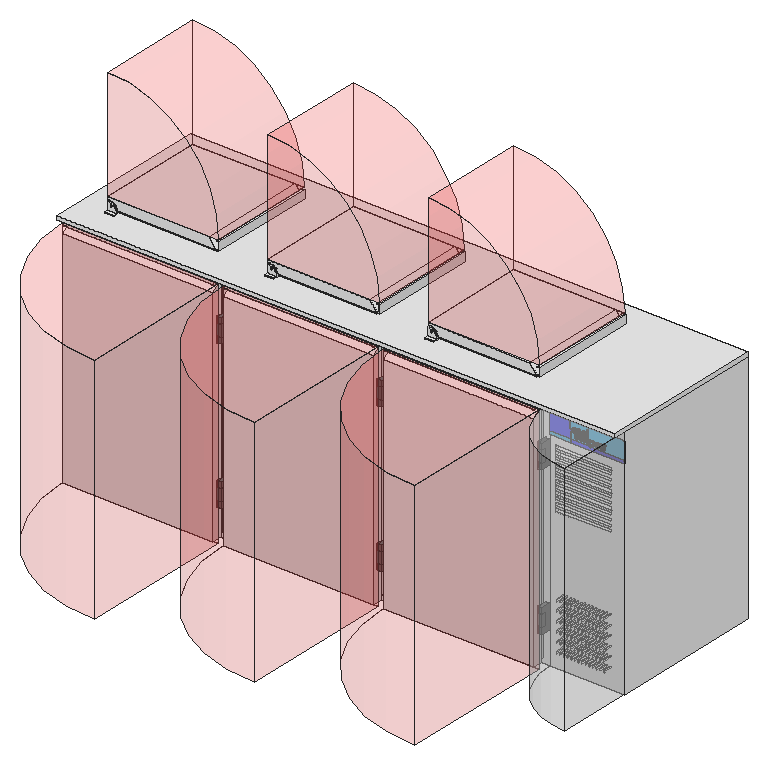
Revit family "QF_Cool-Compact_Abfallkuehler_3x120L_ZK", category Sonderausstattung, Revit 2020 (continued)
Automatic sketch dimensions
  plane 1 "Hinten" to Sweep 42 sketch curve = 50 mm
  plane 6 "Rechts" to Sweep 42 sketch curve = 290.3 mm
  Sweep 42 sketch curve to Sweep 42 sketch curve = 29.7 mm
  profile plane to Sweep 42 sketch curve = 0 mm
  level to Sweep 42 sketch curve = 50 mm
  plane 6 "Rechts" to Sweep 43 sketch curve = 230 mm
  level to Sweep 43 sketch curve = 140 mm
  Sweep 43 sketch curve to Sweep 43 sketch curve = 12.5 mm
  Sweep 43 sketch curve to profile plane = 0 mm
  plane 1 "Hinten" to Sweep 43 sketch curve = 50 mm
  plane 6 "Rechts" to Sweep 44 sketch curve = 255 mm
  Sweep 44 sketch curve to Sweep 44 sketch curve = 25 mm
  level to Sweep 44 sketch curve = 165 mm
  Sweep 44 sketch curve to Sweep 44 sketch curve = 65 mm
  Sweep 44 sketch curve to Sweep 44 sketch curve = 12.5 mm
  Sweep 44 sketch curve to profile plane = 0 mm
  plane 1 "Hinten" to Sweep 44 sketch curve = 50 mm
  plane 6 "Rechts" to Sweep 45 sketch curve = 170 mm
  level to Sweep 45 sketch curve = 140 mm
  Sweep 45 sketch curve to Sweep 45 sketch curve = 12.5 mm
  Sweep 45 sketch curve to profile plane = 0 mm
  plane 1 "Hinten" to Sweep 45 sketch curve = 50 mm
  plane 6 "Rechts" to Sweep 46 sketch curve = 220 mm
  Sweep 46 sketch curve to Sweep 46 sketch curve = 50 mm
  level to Sweep 46 sketch curve = 190 mm
  Sweep 46 sketch curve to Sweep 46 sketch curve = 100 mm
  Sweep 46 sketch curve to Sweep 46 sketch curve = 37.5 mm
  Sweep 46 sketch curve to profile plane = 0 mm
  plane 1 "Hinten" to Sweep 46 sketch curve = 50 mm
  level to Extrusion 47 sketch curve = 40 mm
  plane 6 "Rechts" to Extrusion 47 sketch curve = 210 mm
  Extrusion 47 sketch curve to Extrusion 47 sketch curve = 50 mm
  Extrusion 47 sketch curve to Extrusion 47 sketch curve = 100 mm
  Extrusion 47 sketch curve to Extrusion 47 sketch curve = 110 mm
  Extrusion 47 sketch curve to Extrusion 47 sketch curve = 135 mm
  plane 4 "Vorne" to Extrusion 48 sketch curve = 1 mm
  Extrusion 48 sketch curve to plane 3 "Links" = 27.5 mm
  plane 8 "Mitte (Links/rechts)" to Extrusion 49 sketch curve = 38.19 mm
  plane 5 "Oben" to Extrusion 49 sketch curve = 13.2 mm
  Extrusion 49 sketch curve to Extrusion 49 sketch curve = 28.71 mm
  Extrusion 49 sketch curve to Extrusion 49 sketch curve = 30.91 mm
  Extrusion 49 sketch curve to Extrusion 49 sketch curve = 10.2 mm
  Extrusion 49 sketch curve to Extrusion 49 sketch curve = 1.2 mm  (x2)
  Extrusion 49 sketch curve to Extrusion 49 sketch curve = 32.6 mm
  Extrusion 49 sketch curve to Extrusion 49 sketch curve = 0.6 mm
  plane 5 "Oben" to Extrusion 49 sketch curve = 52 mm
  Extrusion 50 sketch curve to plane 5 "Oben" = 0 mm
  plane 5 "Oben" to Extrusion 50 sketch curve = 12.541 mm
  Extrusion 50 sketch curve to Extrusion 50 sketch curve = 0.244 mm
  Extrusion 50 sketch curve to Extrusion 50 sketch curve = 9.74 mm
  Extrusion 50 sketch curve to Extrusion 50 sketch curve = 10 mm
  Extrusion 50 sketch curve to Extrusion 50 sketch curve = 0.465 mm
  Extrusion 50 sketch curve to Extrusion 50 sketch curve = 8.351 mm
  Extrusion 50 sketch curve to Extrusion 50 sketch curve = 3.2 mm
  Extrusion 50 sketch curve to Extrusion 50 sketch curve = 0.648 mm
  Extrusion 50 sketch curve to Extrusion 50 sketch curve = 2.092 mm
  Extrusion 50 sketch curve to Extrusion 50 sketch curve = 4.2 mm
  Extrusion 50 sketch curve to Extrusion 50 sketch curve = 1.63 mm
  Extrusion 50 sketch curve to Extrusion 50 sketch curve = 11.959 mm
  Extrusion 50 sketch curve to Extrusion 50 sketch curve = 2.4 mm
  Extrusion 50 sketch curve to Extrusion 50 sketch curve = 3.235 mm
  Extrusion 50 sketch curve to Extrusion 50 sketch curve = 1.1 mm
  Extrusion 50 sketch curve to Extrusion 50 sketch curve = 2.001 mm
  Extrusion 50 sketch curve to Extrusion 50 sketch curve = 2.265 mm
  Extrusion 50 sketch curve to Extrusion 50 sketch curve = 8.431 mm
  Extrusion 50 sketch curve to Extrusion 50 sketch curve = 1 mm
  Extrusion 50 sketch curve to Extrusion 50 sketch curve = 2.999 mm
  plane 8 "Mitte (Links/rechts)" to Extrusion 51 sketch curve = 59 mm
  Extrusion 52 sketch curve to Extrusion 52 sketch curve = 15 mm
  plane 5 "Oben" to Extrusion 52 sketch curve = 29 mm
  Extrusion 52 sketch curve to Extrusion 52 sketch curve = 4 mm
  Extrusion 53 sketch curve to Extrusion 53 sketch curve = 15 mm
  plane 5 "Oben" to Extrusion 53 sketch curve = 25 mm
  Extrusion 53 sketch curve to Extrusion 53 sketch curve = 4 mm
  Extrusion 53 sketch curve to Extrusion 53 sketch curve = 3 mm
  plane 8 "Mitte (Links/rechts)" to Extrusion 54 sketch curve = 80.5 mm
  plane 8 "Mitte (Links/rechts)" to Extrusion 55 sketch curve = 80.5 mm
  Extrusion 56 sketch curve to Extrusion 56 sketch curve = 38.122 mm
  Extrusion 57 sketch curve to Extrusion 57 sketch curve = 38.122 mm
  Extrusion 58 sketch curve to plane 5 "Oben" = 0 mm
  plane 5 "Oben" to Extrusion 58 sketch curve = 12.541 mm
  Extrusion 58 sketch curve to Extrusion 58 sketch curve = 0.244 mm
  Extrusion 58 sketch curve to Extrusion 58 sketch curve = 9.74 mm
  Extrusion 58 sketch curve to Extrusion 58 sketch curve = 10 mm
  Extrusion 58 sketch curve to Extrusion 58 sketch curve = 0.465 mm
  Extrusion 58 sketch curve to Extrusion 58 sketch curve = 8.351 mm
  Extrusion 58 sketch curve to Extrusion 58 sketch curve = 3.2 mm
  Extrusion 58 sketch curve to Extrusion 58 sketch curve = 0.648 mm
  Extrusion 58 sketch curve to Extrusion 58 sketch curve = 2.092 mm
  Extrusion 58 sketch curve to Extrusion 58 sketch curve = 4.2 mm
  Extrusion 58 sketch curve to Extrusion 58 sketch curve = 1.63 mm
  Extrusion 58 sketch curve to Extrusion 58 sketch curve = 11.959 mm
  Extrusion 58 sketch curve to Extrusion 58 sketch curve = 2.4 mm
  Extrusion 58 sketch curve to Extrusion 58 sketch curve = 3.235 mm
  Extrusion 58 sketch curve to Extrusion 58 sketch curve = 3.5 mm
  Extrusion 58 sketch curve to Extrusion 58 sketch curve = 2.001 mm
  Extrusion 58 sketch curve to Extrusion 58 sketch curve = 2.265 mm
  Extrusion 58 sketch curve to Extrusion 58 sketch curve = 8.431 mm
  Extrusion 58 sketch curve to Extrusion 58 sketch curve = 1 mm
  Extrusion 58 sketch curve to Extrusion 58 sketch curve = 2.999 mm
  Extrusion 59 sketch curve to plane 8 "Mitte (Links/rechts)" = 80.5 mm
  Extrusion 59 sketch curve to plane 5 "Oben" = 52 mm
  plane 5 "Oben" to Extrusion 60 sketch curve = 52 mm
  plane 5 "Oben" to Extrusion 60 sketch curve = 13.2 mm
  Extrusion 60 sketch curve to Extrusion 60 sketch curve = 28.71 mm
  Extrusion 60 sketch curve to Extrusion 60 sketch curve = 30.91 mm
  Extrusion 60 sketch curve to Extrusion 60 sketch curve = 10.2 mm
  Extrusion 60 sketch curve to Extrusion 60 sketch curve = 1.2 mm  (x2)
  Extrusion 60 sketch curve to Extrusion 60 sketch curve = 5 mm
  Extrusion 60 sketch curve to Extrusion 60 sketch curve = 0.6 mm
  Extrusion 61 sketch curve to plane 5 "Oben" = 0 mm
  plane 5 "Oben" to Extrusion 61 sketch curve = 12.541 mm
  Extrusion 61 sketch curve to Extrusion 61 sketch curve = 0.244 mm
  Extrusion 61 sketch curve to Extrusion 61 sketch curve = 9.74 mm
  Extrusion 61 sketch curve to Extrusion 61 sketch curve = 10 mm
  Extrusion 61 sketch curve to Extrusion 61 sketch curve = 0.465 mm
  Extrusion 61 sketch curve to Extrusion 61 sketch curve = 8.351 mm
  Extrusion 61 sketch curve to Extrusion 61 sketch curve = 3.2 mm
  Extrusion 61 sketch curve to Extrusion 61 sketch curve = 0.648 mm
  Extrusion 61 sketch curve to Extrusion 61 sketch curve = 2.092 mm
  Extrusion 61 sketch curve to Extrusion 61 sketch curve = 4.2 mm
  Extrusion 61 sketch curve to Extrusion 61 sketch curve = 1.63 mm
  Extrusion 61 sketch curve to Extrusion 61 sketch curve = 11.959 mm
  Extrusion 61 sketch curve to Extrusion 61 sketch curve = 2.4 mm
  Extrusion 61 sketch curve to Extrusion 61 sketch curve = 3.235 mm
  Extrusion 61 sketch curve to Extrusion 61 sketch curve = 1.1 mm
  Extrusion 61 sketch curve to Extrusion 61 sketch curve = 2.001 mm
  Extrusion 61 sketch curve to Extrusion 61 sketch curve = 2.265 mm
  Extrusion 61 sketch curve to Extrusion 61 sketch curve = 8.431 mm
  Extrusion 61 sketch curve to Extrusion 61 sketch curve = 1 mm
  Extrusion 61 sketch curve to Extrusion 61 sketch curve = 2.999 mm
  plane 6 "Rechts" to Extrusion 62 sketch curve = 451 mm
  Extrusion 63 sketch curve to Extrusion 63 sketch curve = 15 mm
  plane 5 "Oben" to Extrusion 63 sketch curve = 29 mm
  Extrusion 63 sketch curve to Extrusion 63 sketch curve = 4 mm
  Extrusion 64 sketch curve to Extrusion 64 sketch curve = 15 mm
  plane 5 "Oben" to Extrusion 64 sketch curve = 25 mm
  Extrusion 64 sketch curve to Extrusion 64 sketch curve = 4 mm
  Extrusion 64 sketch curve to Extrusion 64 sketch curve = 3 mm
  plane 6 "Rechts" to Extrusion 65 sketch curve = 429.5 mm
  plane 6 "Rechts" to Extrusion 66 sketch curve = 429.5 mm
  Extrusion 67 sketch curve to Extrusion 67 sketch curve = 38.122 mm
  Extrusion 68 sketch curve to Extrusion 68 sketch curve = 38.122 mm
  Extrusion 69 sketch curve to plane 5 "Oben" = 0 mm
  plane 5 "Oben" to Extrusion 69 sketch curve = 12.541 mm
  Extrusion 69 sketch curve to Extrusion 69 sketch curve = 0.244 mm
  Extrusion 69 sketch curve to Extrusion 69 sketch curve = 9.74 mm
  Extrusion 69 sketch curve to Extrusion 69 sketch curve = 10 mm
  Extrusion 69 sketch curve to Extrusion 69 sketch curve = 0.465 mm
  Extrusion 69 sketch curve to Extrusion 69 sketch curve = 8.351 mm
  Extrusion 69 sketch curve to Extrusion 69 sketch curve = 3.2 mm
  Extrusion 69 sketch curve to Extrusion 69 sketch curve = 0.648 mm
  Extrusion 69 sketch curve to Extrusion 69 sketch curve = 2.092 mm
  Extrusion 69 sketch curve to Extrusion 69 sketch curve = 4.2 mm
  Extrusion 69 sketch curve to Extrusion 69 sketch curve = 1.63 mm
  Extrusion 69 sketch curve to Extrusion 69 sketch curve = 11.959 mm
  Extrusion 69 sketch curve to Extrusion 69 sketch curve = 2.4 mm
  Extrusion 69 sketch curve to Extrusion 69 sketch curve = 3.235 mm
  Extrusion 69 sketch curve to Extrusion 69 sketch curve = 3.5 mm
  Extrusion 69 sketch curve to Extrusion 69 sketch curve = 2.001 mm
  Extrusion 69 sketch curve to Extrusion 69 sketch curve = 2.265 mm
  Extrusion 69 sketch curve to Extrusion 69 sketch curve = 8.431 mm
  Extrusion 69 sketch curve to Extrusion 69 sketch curve = 1 mm
  Extrusion 69 sketch curve to Extrusion 69 sketch curve = 2.999 mm
  Extrusion 70 sketch curve to plane 5 "Oben" = 52 mm
  Extrusion 70 sketch curve to plane 6 "Rechts" = 429.5 mm
  level to Extrusion 71 sketch curve = 28.5 mm
  Extrusion 71 sketch curve to plane 5 "Oben" = 39.5 mm
  level to Extrusion 72 sketch curve = 19 mm  (x2)
  Extrusion 72 sketch curve to Extrusion 72 sketch curve = 1 mm  (x3)
  Extrusion 72 sketch curve to plane 5 "Oben" = 30 mm
  Extrusion 73 sketch curve to plane 4 "Vorne" = 1 mm
  plane 4 "Vorne" to Extrusion 73 sketch curve = 39 mm
  Extrusion 74 sketch curve to plane 4 "Vorne" = 1 mm
  plane 4 "Vorne" to Extrusion 74 sketch curve = 55 mm
  plane 4 "Vorne" to Extrusion 75 sketch curve = 13 mm  (x2)
  Extrusion 75 sketch curve to Extrusion 75 sketch curve = 18 mm
  Extrusion 75 sketch curve to Extrusion 75 sketch curve = 24 mm
  Extrusion 75 sketch curve to plane 5 "Oben" = 155 mm
  Extrusion 75 sketch curve to Extrusion 75 sketch curve = 24.5 mm  (x2)
  Extrusion 75 sketch curve to Extrusion 75 sketch curve = 53 mm
  Extrusion 76 sketch curve to Extrusion 76 sketch curve = 18 mm  (x2)
  Extrusion 76 sketch curve to Extrusion 76 sketch curve = 6 mm
  plane 5 "Oben" to Extrusion 76 sketch curve = 257 mm
  Extrusion 76 sketch curve to Extrusion 76 sketch curve = 25.5 mm  (x2)
  Extrusion 76 sketch curve to Extrusion 76 sketch curve = 51 mm
  Extrusion 77 sketch curve to plane 4 "Vorne" = 22 mm
  plane 4 "Vorne" to Extrusion 78 sketch curve = 22 mm
  Extrusion 79 sketch curve to plane 4 "Vorne" = 22 mm
  plane 4 "Vorne" to Extrusion 80 sketch curve = 13 mm  (x2)
  Extrusion 80 sketch curve to Extrusion 80 sketch curve = 18 mm
  Extrusion 80 sketch curve to Extrusion 80 sketch curve = 24 mm
  level to Extrusion 80 sketch curve = 241 mm
  Extrusion 80 sketch curve to Extrusion 80 sketch curve = 24.5 mm  (x2)
  Extrusion 80 sketch curve to Extrusion 80 sketch curve = 53 mm
  Extrusion 81 sketch curve to Extrusion 81 sketch curve = 18 mm  (x2)
  Extrusion 81 sketch curve to Extrusion 81 sketch curve = 6 mm
  Extrusion 81 sketch curve to level = 139 mm
  Extrusion 81 sketch curve to Extrusion 81 sketch curve = 25.5 mm  (x2)
  Extrusion 81 sketch curve to Extrusion 81 sketch curve = 51 mm
  plane 4 "Vorne" to Extrusion 82 sketch curve = 22 mm
  plane 4 "Vorne" to Extrusion 83 sketch curve = 22 mm
  Extrusion 84 sketch curve to plane 4 "Vorne" = 13 mm
  Extrusion 84 sketch curve to Extrusion 84 sketch curve = 24 mm
  Extrusion 84 sketch curve to Extrusion 84 sketch curve = 42 mm
  Extrusion 85 sketch curve to plane 4 "Vorne" = 13 mm
  Extrusion 85 sketch curve to Extrusion 85 sketch curve = 24 mm
  Extrusion 85 sketch curve to Extrusion 85 sketch curve = 42 mm
  plane 4 "Vorne" to Extrusion 86 sketch curve = 1 mm
  Extrusion 87 sketch curve to plane 4 "Vorne" = 1 mm
  plane 4 "Vorne" to Extrusion 87 sketch curve = 4 mm
  Extrusion 87 sketch curve to Extrusion 87 sketch curve = 0.6 mm
  Extrusion 87 sketch curve to Extrusion 87 sketch curve = 32.6 mm
  Extrusion 87 sketch curve to Extrusion 87 sketch curve = 1.2 mm  (x2)
  level to Extrusion 87 sketch curve = 10 mm
  Extrusion 87 sketch curve to plane 5 "Oben" = 61.31 mm
  Extrusion 87 sketch curve to plane 5 "Oben" = 32.6 mm
  Extrusion 87 sketch curve to plane 5 "Oben" = 30.4 mm
  Extrusion 87 sketch curve to Extrusion 87 sketch curve = 10.2 mm
  level to Extrusion 88 sketch curve = 28.5 mm
  plane 6 "Rechts" to Extrusion 88 sketch curve = 358.5 mm
  Extrusion 88 sketch curve to plane 5 "Oben" = 39.5 mm
  level to Extrusion 89 sketch curve = 19 mm  (x2)
  Extrusion 89 sketch curve to Extrusion 89 sketch curve = 1 mm  (x3)
  plane 6 "Rechts" to Extrusion 89 sketch curve = 353.7 mm
  Extrusion 89 sketch curve to plane 5 "Oben" = 30 mm
  Extrusion 90 sketch curve to plane 4 "Vorne" = 1 mm
  plane 6 "Rechts" to Extrusion 90 sketch curve = 346.5 mm
  plane 4 "Vorne" to Extrusion 90 sketch curve = 39 mm
  Extrusion 91 sketch curve to plane 4 "Vorne" = 1 mm
  plane 6 "Rechts" to Extrusion 91 sketch curve = 322.5 mm
  plane 4 "Vorne" to Extrusion 91 sketch curve = 55 mm
  plane 4 "Vorne" to Extrusion 92 sketch curve = 13 mm  (x2)
  Extrusion 92 sketch curve to Extrusion 92 sketch curve = 18 mm
  Extrusion 92 sketch curve to Extrusion 92 sketch curve = 24 mm
  Extrusion 92 sketch curve to plane 5 "Oben" = 155 mm
  Extrusion 92 sketch curve to Extrusion 92 sketch curve = 24.5 mm  (x2)
  Extrusion 92 sketch curve to Extrusion 92 sketch curve = 53 mm
  Extrusion 93 sketch curve to plane 6 "Rechts" = 322.5 mm
  Extrusion 93 sketch curve to Extrusion 93 sketch curve = 18 mm  (x2)
  Extrusion 93 sketch curve to Extrusion 93 sketch curve = 6 mm
  plane 5 "Oben" to Extrusion 93 sketch curve = 257 mm
  Extrusion 93 sketch curve to Extrusion 93 sketch curve = 25.5 mm  (x2)
  Extrusion 93 sketch curve to Extrusion 93 sketch curve = 51 mm
  Extrusion 94 sketch curve to plane 4 "Vorne" = 22 mm
  Extrusion 94 sketch curve to plane 6 "Rechts" = 331.5 mm
  plane 4 "Vorne" to Extrusion 95 sketch curve = 22 mm
  plane 6 "Rechts" to Extrusion 95 sketch curve = 331.5 mm
  Extrusion 96 sketch curve to plane 4 "Vorne" = 22 mm
  Extrusion 96 sketch curve to plane 6 "Rechts" = 331.5 mm
  plane 4 "Vorne" to Extrusion 97 sketch curve = 13 mm  (x2)
  Extrusion 97 sketch curve to Extrusion 97 sketch curve = 18 mm
  Extrusion 97 sketch curve to Extrusion 97 sketch curve = 24 mm
  level to Extrusion 97 sketch curve = 241 mm
  Extrusion 97 sketch curve to Extrusion 97 sketch curve = 24.5 mm  (x2)
  Extrusion 97 sketch curve to Extrusion 97 sketch curve = 53 mm
  Extrusion 98 sketch curve to plane 6 "Rechts" = 322.5 mm
  Extrusion 98 sketch curve to Extrusion 98 sketch curve = 18 mm  (x2)
  Extrusion 98 sketch curve to Extrusion 98 sketch curve = 6 mm
  Extrusion 98 sketch curve to level = 139 mm
  Extrusion 98 sketch curve to Extrusion 98 sketch curve = 25.5 mm  (x2)
  Extrusion 98 sketch curve to Extrusion 98 sketch curve = 51 mm
  plane 4 "Vorne" to Extrusion 99 sketch curve = 22 mm
  plane 6 "Rechts" to Extrusion 99 sketch curve = 331.5 mm
  plane 4 "Vorne" to Extrusion 100 sketch curve = 22 mm
  plane 6 "Rechts" to Extrusion 100 sketch curve = 331.5 mm
  Extrusion 101 sketch curve to plane 4 "Vorne" = 13 mm
  Extrusion 101 sketch curve to plane 6 "Rechts" = 322.5 mm
  Extrusion 101 sketch curve to Extrusion 101 sketch curve = 24 mm
  Extrusion 101 sketch curve to Extrusion 101 sketch curve = 42 mm
  Extrusion 102 sketch curve to plane 4 "Vorne" = 13 mm
  Extrusion 102 sketch curve to plane 6 "Rechts" = 322.5 mm
  Extrusion 102 sketch curve to Extrusion 102 sketch curve = 24 mm
  Extrusion 102 sketch curve to Extrusion 102 sketch curve = 42 mm
  plane 4 "Vorne" to Extrusion 103 sketch curve = 1 mm
  Extrusion 103 sketch curve to plane 6 "Rechts" = 322.5 mm
  Extrusion 104 sketch curve to plane 4 "Vorne" = 1 mm
  plane 4 "Vorne" to Extrusion 104 sketch curve = 4 mm
  Extrusion 104 sketch curve to Extrusion 104 sketch curve = 0.6 mm
  Extrusion 104 sketch curve to Extrusion 104 sketch curve = 32.6 mm
  Extrusion 104 sketch curve to Extrusion 104 sketch curve = 1.2 mm  (x2)
  level to Extrusion 104 sketch curve = 10 mm
  Extrusion 104 sketch curve to plane 5 "Oben" = 61.31 mm
  Extrusion 104 sketch curve to plane 5 "Oben" = 32.6 mm
  Extrusion 104 sketch curve to plane 5 "Oben" = 30.4 mm
  Extrusion 104 sketch curve to Extrusion 104 sketch curve = 10.2 mm
  Extrusion 10 sketch curve to Extrusion 10 sketch curve = 437.69 mm
  Extrusion 12 sketch curve to Extrusion 12 sketch curve = 437 mm
  Extrusion 15 sketch curve to plane 8 "Mitte (Links/rechts)" = 538.5 mm
  Extrusion 16 sketch curve to plane 8 "Mitte (Links/rechts)" = 533.7 mm
  Extrusion 17 sketch curve to Extrusion 17 sketch curve = 480 mm
  Extrusion 18 sketch curve to Extrusion 18 sketch curve = 480 mm
  Extrusion 22 sketch curve to plane 8 "Mitte (Links/rechts)" = 526.5 mm
  Extrusion 23 sketch curve to plane 8 "Mitte (Links/rechts)" = 502.5 mm
  Extrusion 25 sketch curve to Extrusion 25 sketch curve = 480 mm
  plane 8 "Mitte (Links/rechts)" to Extrusion 32 sketch curve = 502.5 mm
  plane 8 "Mitte (Links/rechts)" to Extrusion 33 sketch curve = 511.5 mm
  Extrusion 34 sketch curve to plane 8 "Mitte (Links/rechts)" = 511.5 mm
  plane 8 "Mitte (Links/rechts)" to Extrusion 35 sketch curve = 511.5 mm
  plane 8 "Mitte (Links/rechts)" to Extrusion 37 sketch curve = 502.5 mm
  Extrusion 38 sketch curve to plane 8 "Mitte (Links/rechts)" = 511.5 mm
  Extrusion 39 sketch curve to plane 8 "Mitte (Links/rechts)" = 511.5 mm
  plane 8 "Mitte (Links/rechts)" to Extrusion 40 sketch curve = 502.5 mm
  plane 8 "Mitte (Links/rechts)" to Extrusion 41 sketch curve = 502.5 mm
  plane 8 "Mitte (Links/rechts)" to Extrusion 48 sketch curve = 502.5 mm
  Extrusion 49 sketch curve to plane 8 "Mitte (Links/rechts)" = 399.5 mm
  Extrusion 50 sketch curve to plane 8 "Mitte (Links/rechts)" = 359.5 mm
  Extrusion 50 sketch curve to Extrusion 50 sketch curve = 5 mm
  Extrusion 51 sketch curve to plane 8 "Mitte (Links/rechts)" = 378 mm
  Extrusion 52 sketch curve to plane 8 "Mitte (Links/rechts)" = 366.5 mm
  Extrusion 53 sketch curve to Extrusion 53 sketch curve = 0 mm
  Extrusion 53 sketch curve to plane 8 "Mitte (Links/rechts)" = 366.5 mm
  Extrusion 54 sketch curve to plane 8 "Mitte (Links/rechts)" = 399.5 mm
  Extrusion 55 sketch curve to plane 8 "Mitte (Links/rechts)" = 399.5 mm
  Extrusion 56 sketch curve to plane 8 "Mitte (Links/rechts)" = 397.622 mm
  plane 8 "Mitte (Links/rechts)" to Extrusion 57 sketch curve = 397.622 mm
  Extrusion 58 sketch curve to plane 8 "Mitte (Links/rechts)" = 359.5 mm
  Extrusion 58 sketch curve to Extrusion 58 sketch curve = 5 mm
  plane 8 "Mitte (Links/rechts)" to Extrusion 59 sketch curve = 399.5 mm
  Extrusion 71 sketch curve to plane 8 "Mitte (Links/rechts)" = 470.5 mm
  Extrusion 72 sketch curve to plane 8 "Mitte (Links/rechts)" = 475.3 mm
  Extrusion 73 sketch curve to plane 8 "Mitte (Links/rechts)" = 482.5 mm
  Extrusion 74 sketch curve to plane 8 "Mitte (Links/rechts)" = 482.5 mm
  plane 8 "Mitte (Links/rechts)" to Extrusion 86 sketch curve = 482.5 mm
  plane 6 "Rechts" to Extrusion 60 sketch curve = 429.5 mm
  plane 8 "Mitte (Links/rechts)" to Extrusion 60 sketch curve = 290.5 mm
  plane 8 "Mitte (Links/rechts)" to Extrusion 61 sketch curve = 330.5 mm
  Extrusion 61 sketch curve to Extrusion 61 sketch curve = 5 mm
  plane 8 "Mitte (Links/rechts)" to Extrusion 62 sketch curve = 312 mm
  plane 8 "Mitte (Links/rechts)" to Extrusion 63 sketch curve = 323.5 mm
  Extrusion 64 sketch curve to Extrusion 64 sketch curve = 0 mm
  plane 8 "Mitte (Links/rechts)" to Extrusion 64 sketch curve = 323.5 mm
  plane 8 "Mitte (Links/rechts)" to Extrusion 65 sketch curve = 290.5 mm
  plane 8 "Mitte (Links/rechts)" to Extrusion 66 sketch curve = 290.5 mm
  plane 8 "Mitte (Links/rechts)" to Extrusion 67 sketch curve = 292.378 mm
  Extrusion 68 sketch curve to plane 8 "Mitte (Links/rechts)" = 292.378 mm
  plane 8 "Mitte (Links/rechts)" to Extrusion 69 sketch curve = 330.5 mm
  Extrusion 69 sketch curve to Extrusion 69 sketch curve = 5 mm
  Extrusion 70 sketch curve to plane 8 "Mitte (Links/rechts)" = 290.5 mm
  plane 8 "Mitte (Links/rechts)" to Extrusion 71 sketch curve = 151.5 mm
  plane 8 "Mitte (Links/rechts)" to Extrusion 72 sketch curve = 156.3 mm
  plane 8 "Mitte (Links/rechts)" to Extrusion 73 sketch curve = 163.5 mm
  plane 8 "Mitte (Links/rechts)" to Extrusion 74 sketch curve = 187.5 mm
  Extrusion 76 sketch curve to plane 8 "Mitte (Links/rechts)" = 187.5 mm
  Extrusion 77 sketch curve to plane 8 "Mitte (Links/rechts)" = 178.5 mm
  plane 8 "Mitte (Links/rechts)" to Extrusion 78 sketch curve = 178.5 mm
  Extrusion 79 sketch curve to plane 8 "Mitte (Links/rechts)" = 178.5 mm
  Extrusion 81 sketch curve to plane 8 "Mitte (Links/rechts)" = 187.5 mm
  plane 8 "Mitte (Links/rechts)" to Extrusion 82 sketch curve = 178.5 mm
  plane 8 "Mitte (Links/rechts)" to Extrusion 83 sketch curve = 178.5 mm
  Extrusion 84 sketch curve to plane 8 "Mitte (Links/rechts)" = 187.5 mm
  Extrusion 85 sketch curve to plane 8 "Mitte (Links/rechts)" = 187.5 mm
  Extrusion 86 sketch curve to plane 8 "Mitte (Links/rechts)" = 187.5 mm
  plane 8 "Mitte (Links/rechts)" to Extrusion 88 sketch curve = 219.5 mm
  plane 8 "Mitte (Links/rechts)" to Extrusion 89 sketch curve = 214.7 mm
  plane 8 "Mitte (Links/rechts)" to Extrusion 90 sketch curve = 207.5 mm
  plane 8 "Mitte (Links/rechts)" to Extrusion 91 sketch curve = 207.5 mm
  Extrusion 103 sketch curve to plane 8 "Mitte (Links/rechts)" = 207.5 mm
  plane 1 "Hinten" to Extrusion 12 sketch curve = 136.5 mm
  plane 1 "Hinten" to Extrusion 17 sketch curve = 125 mm
  plane 1 "Hinten" to Extrusion 18 sketch curve = 125 mm
  Extrusion 20 sketch curve to plane 1 "Hinten" = 105 mm
  Extrusion 20 sketch curve to Extrusion 20 sketch curve = 17 mm
  Sweep 42 sketch curve to Sweep 42 sketch curve = 60.3 mm
  Sweep 42 sketch curve to Sweep 42 sketch curve = 49.7 mm
  plane 1 "Hinten" to Extrusion 51 sketch curve = 136.5 mm
  plane 1 "Hinten" to Extrusion 54 sketch curve = 125 mm
  plane 1 "Hinten" to Extrusion 55 sketch curve = 125 mm
  Extrusion 57 sketch curve to plane 1 "Hinten" = 105 mm
  Extrusion 57 sketch curve to Extrusion 57 sketch curve = 17 mm
  plane 1 "Hinten" to Extrusion 62 sketch curve = 136.5 mm
  plane 1 "Hinten" to Extrusion 65 sketch curve = 125 mm
  plane 1 "Hinten" to Extrusion 66 sketch curve = 125 mm
  Extrusion 68 sketch curve to plane 1 "Hinten" = 105 mm
  Extrusion 68 sketch curve to Extrusion 68 sketch curve = 17 mm
  plane 4 "Vorne" to Extrusion 12 sketch curve = 146.5 mm
  plane 4 "Vorne" to Extrusion 17 sketch curve = 135 mm
  plane 4 "Vorne" to Extrusion 18 sketch curve = 135 mm
  plane 4 "Vorne" to Extrusion 19 sketch curve = 115 mm
  Extrusion 19 sketch curve to Extrusion 19 sketch curve = 17 mm
  plane 4 "Vorne" to Extrusion 51 sketch curve = 146.5 mm
  plane 4 "Vorne" to Extrusion 54 sketch curve = 135 mm
  plane 4 "Vorne" to Extrusion 55 sketch curve = 135 mm
  plane 4 "Vorne" to Extrusion 56 sketch curve = 115 mm
  Extrusion 56 sketch curve to Extrusion 56 sketch curve = 17 mm
  plane 4 "Vorne" to Extrusion 62 sketch curve = 146.5 mm
  plane 4 "Vorne" to Extrusion 65 sketch curve = 135 mm
  plane 4 "Vorne" to Extrusion 66 sketch curve = 135 mm
  plane 4 "Vorne" to Extrusion 67 sketch curve = 115 mm
  Extrusion 67 sketch curve to Extrusion 67 sketch curve = 17 mm
  curve 27 to plane 7 "Mitte (Vorne/hinten)" = 0 mm
  curve 28 to plane 4 "Vorne" = 0 mm
  curve 30 to plane 7 "Mitte (Vorne/hinten)" = 0 mm
  curve 32 to plane 4 "Vorne" = 0 mm
  curve 31 to plane 7 "Mitte (Vorne/hinten)" = 0 mm
  curve 34 to plane 4 "Vorne" = 0 mm
  curve 36 to plane 4 "Vorne" = 0 mm
  curve 36 to plane 6 "Rechts" = 0 mm
  plane 6 "Rechts" to curve 34 = 322.5 mm
  curve 31 to curve 34 = 347 mm
  plane 8 "Mitte (Links/rechts)" to curve 32 = 187.5 mm
  curve 30 to plane 8 "Mitte (Links/rechts)" = 159.5 mm
  curve 28 to plane 8 "Mitte (Links/rechts)" = 502.5 mm
  plane 3 "Links" to curve 27 = 350.5 mm
  curve 29 to curve 28 = 1 mm
  curve 35 to curve 34 = 1 mm
  curve 33 to curve 32 = 1 mm
  curve 37 to plane 4 "Vorne" = 265 mm
  curve 34 to curve 36 = 406 mm
  curve 32 to curve 33 = 670 mm
  curve 28 to curve 29 = 670 mm
  plane 4 "Vorne" to curve 36 = 55 mm
  curve 37 to curve 36 = 0 mm
  radius of Extrusion 4 sketch curve to Extrusion 2 = 0 mm
  radius of Extrusion 6 sketch curve to Extrusion 2 = 0 mm
  radius of Extrusion 13 sketch curve = 3 mm  (x2)
  radius of Extrusion 14 sketch curve = 3 mm
  radius of Extrusion 30 sketch curve = 7.5 mm
  radius of Extrusion 33 sketch curve = 3 mm
  radius of Extrusion 34 sketch curve = 3 mm
  radius of Extrusion 35 sketch curve = 3 mm
  radius of Extrusion 38 sketch curve = 3 mm
  radius of Extrusion 39 sketch curve = 3 mm
  radius of Sweep 42 sketch curve = 9.55 mm
  radius of Sweep 43 sketch curve = 3 mm
  radius of Sweep 44 sketch curve = 16 mm
  radius of Sweep 45 sketch curve = 4 mm
  radius of Sweep 46 sketch curve = 17 mm
  radius of Extrusion 47 sketch curve = 25 mm
  radius of Extrusion 52 sketch curve = 3 mm  (x2)
  radius of Extrusion 53 sketch curve = 3 mm
  radius of Extrusion 63 sketch curve = 3 mm  (x2)
  radius of Extrusion 64 sketch curve = 3 mm
  radius of Extrusion 77 sketch curve = 3 mm
  radius of Extrusion 78 sketch curve = 3 mm
  radius of Extrusion 79 sketch curve = 3 mm
  radius of Extrusion 82 sketch curve = 3 mm
  radius of Extrusion 83 sketch curve = 3 mm
  radius of Extrusion 94 sketch curve = 3 mm
  radius of Extrusion 95 sketch curve = 3 mm
  radius of Extrusion 96 sketch curve = 3 mm
  radius of Extrusion 99 sketch curve = 3 mm
  radius of Extrusion 100 sketch curve = 3 mm
  radius of curve 27 = 170 mm
  radius of curve 30 = 170 mm
  radius of curve 31 = 170 mm
Connectors
  electrical at (2200, -50, 500), driven by "Spannung", driven by "Watt Leistung", driven by "Stecker System", driven by "Anzahl der Pole"
    settings: on Extrusion 30, index 1, voltage 230 V, apparent load 0 VA, apparent load phase1 120 VA, apparent load phase2 0 VA, apparent load phase3 0 VA, power factor 1, load classification "Sonstige", number of poles 1, system type 31, power factor state 1, is connector primary yes, connector utility no, sub classification motor no, connector description "Schuko / T13"
  piping at (2170, -160, 50), diameter 19.1, driven by "Indirekte Ablaufanschlussgröße", driven by "Indirekter Abwasserstrom"
    settings: on Sweep 42, index 2, connector inside diameter 609.6 mm, connector length 0 mm, flow factor 0, pipe flow 0.0 L/s, pressure drop 0.0 Pa, fitting loss kfactor 0, connector angle 0.00°, fixture units 0, engagement length 0 mm, angle of deflection 0.00°, flow configuration 0, flow direction 2, fitting loss method 0, system type 16, joint type 0, gender type 0, connector reference index -1, connector utility 0, adjustable connector no, is connector primary yes, connector description ""
  piping at (2170, -50, 152.5), diameter 6, driven by "Kälte Abmessung Flüssigkeitsleitung"
    settings: on Sweep 43, index 3, connector inside diameter 609.6 mm, connector length 0 mm, flow factor 0, pipe flow 0.0 L/s, pressure drop 0.0 Pa, fitting loss kfactor 0, connector angle 0.00°, fixture units 0, engagement length 0 mm, angle of deflection 0.00°, flow configuration 0, flow direction 1, fitting loss method 0, system type 22, joint type 0, gender type 0, connector reference index -1, connector utility 0, adjustable connector no, is connector primary no, connector description ""
  piping at (2230, -50, 152.5), diameter 8, driven by "Kälte Abmessung Saugleitung"
    settings: on Sweep 45, index 4, connector inside diameter 609.6 mm, connector length 0 mm, flow factor 0, pipe flow 0.0 L/s, pressure drop 0.0 Pa, fitting loss kfactor 0, connector angle 0.00°, fixture units 0, engagement length 0 mm, angle of deflection 0.00°, flow configuration 0, flow direction 2, fitting loss method 0, system type 22, joint type 0, gender type 0, connector reference index -1, connector utility 0, adjustable connector no, is connector primary no, connector description ""
